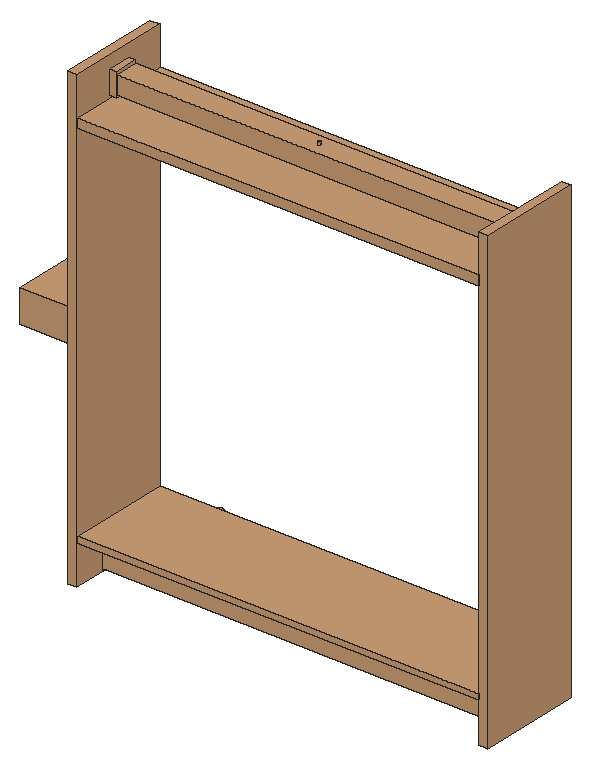
Revit family
Parameters
  Center of Unit = 0' - 0"  # constant formula
  Total Heating Capacity [instance] = 0.0 Btu/h
  Series = "VIFB"
  Outlet Area = 46.50 SF
  Lower Frame Thickness = if(Headers Height = 0' 3", 0' 1 1/4", if(Headers Height = 0' 3 1/4", 0' 1 1/4", 0' 0"))  # 0' - 1 1/4"
  Water Pressure Drop [instance] = 0.00 psi
  Water Flow [instance] = 0 GPM
  Unit Weight (lbs) = 1245
  URL = "http://www.ljwing.com/"
  Water Outlet Radius = 0' - 1 1/2"
  Headers Height = if(M = 0' 1", 0' 3", if(M = 0' 1 1/2", 0' 3 1/4", 0' 0"))  # 0' - 3 1/4"
  Number of Rows = 2  # constant formula
  Number of Coils [instance] = 0
  Nominal Length = 7' - 5 3/4"
  N = 1' - 0 3/4"
  Model = "VE-8W"
  Manufacturer = "LJ Wing"
  M = 0' - 1 1/2"
  Leaving Water Temperature [instance] = 0 °F
  Leaving Air Temperature [instance] = 0 °F
  Entering Water Temperature [instance] = 0 °F
  Entering Air Temperature [instance] = 0 °F
  Description = "Vertical Integral Face & Bypass Water Heating Coils"
  Hot Water Inlet  Radius = 0' - 1 1/2"
  Coil Face Area = Outlet Area * 0.56  # 26.04 SF
  Casing Material = ""
  Assembly Code = "D3020300"
  Air Vent Radius = 0' - 0 1/4"
  Air Pressure Drop [instance] = 0.00 in-wg
  Air Inlet Width = Nominal Length - 0' 4"  # 7' - 1 3/4"
  Air Inlet Height = Y  # 6' - 6"
  Air Flow [instance] = 0 CFM
  Y = 6' - 6"
  S = 0' - 9 3/4"  # constant formula
  Product URL = "http://www.ljwing.com/html/vifb.asp"
  OmniClass = "23-75 70 21 14 "
  Nominal Height = 8' - 2"
  Nominal Depth = 1' - 10"
  R = 0' - 10 1/4"  # constant formula
  Q = 0' - 2 7/8"
Reference planes (in)
  plane 1 "Center (Front/Back)": y = 0
  plane 2: z = -39
  plane 3 "Center (Left/Right)": x = 0
  plane 4: z = 49.25
  plane 5: x = -44.875
  plane 6: x = 44.875
  plane 7: z = -48.75
  plane 8: z = 0
  plane 9: y = -11
  plane 10: y = 11
  plane 11: z = 39
  plane 12: z = 41
  plane 13: z = -40.25
  plane 14: x = 42.875
  plane 15: x = -42.875
  plane 16: x = -42
  plane 17: x = 42
  plane 18: y = 14.0625
  plane 19: x = -55.875
  plane 20: z = 46.125
  plane 21: z = 42.125
  plane 22: y = -2.5
  plane 23: y = 2.5
  plane 24: y = -4.5
  plane 25: z = -46.375
  plane 26: x = -32.125
  plane 27: x = 32.125
  plane 28: z = -42.375
Forms (in)
  Extrusion 1, solid, material "Painted Finish"
    sketch origin (0, 6, -9.75) x (1, 0, 0) y (0, 0, 1)
      loop
        line (-44.875, -39) -> (-42.875, -39) -> (-42.875, 59) -> (-44.875, 59) -> (-44.875, -39)
      loop
        line (44.875, -39) -> (44.875, 59) -> (42.875, 59) -> (42.875, -39) -> (44.875, -39)
    from -5 to 17
  Extrusion 2, solid, material "Painted Finish"
    sketch origin (0, 6, 0) x (1, 0, 0) y (0, 0, 1)
      loop
        line (42.875, -39) -> (-42.875, -39) -> (-42.875, -40.25) -> (42.875, -40.25) -> (42.875, -39)
      loop
        line (42.875, 39) -> (42.875, 41) -> (-42.875, 41) -> (-42.875, 39) -> (42.875, 39)
    from -5 to 17
  Extrusion 3, solid, material "Painted Finish"
    sketch origin (0, 10, -0.5) x (1, 0, 0) y (0, 0, 1)
      loop
        line (-44.875, 4) -> (-55.875, 4) -> (-55.875, -3) -> (-44.875, -3) -> (-44.875, 4)
    from 0 to 20
  Extrusion 4, solid, material "Painted Finish"
    sketch origin (0, 6, 0) x (1, 0, 0) y (0, 0, 1)
      loop
        line (-41.25, 46.125) -> (-41.25, 42.125) -> (41.25, 42.125) -> (41.25, 46.125) -> (-41.25, 46.125)
    from 3.5 to 8.5
  Extrusion 5, solid, material "Painted Finish"
    sketch origin (0, 0, 0) x (1, 0, 0) y (0, 0, 1)
      loop
        line (-41.25, 41.625) -> (-41.25, 46.625) -> (-42.875, 46.625) -> (-42.875, 41.625) -> (-41.25, 41.625)
      loop
        line (42.875, 41.625) -> (42.875, 46.625) -> (41.25, 46.625) -> (41.25, 41.625) -> (42.875, 41.625)
    from -2.5 to 2.5
  Extrusion 6, solid, material "Painted Finish"
    sketch origin (0, 6, 0) x (1, 0, 0) y (0, 0, 1)
      loop
        line (-42.375, -40.75) -> (-42.375, -40.5) -> (-42.875, -40.5) -> (-42.875, -44.25) -> (-42.375, -44.25) -> (-42.375, -44) -> (42.375, -44) -> (42.375, -44.25) -> (42.875, -44.25) -> (42.875, -40.5) -> (42.375, -40.5) -> (42.375, -40.75) -> (-42.375, -40.75)
      loop
        line (42.375, -48) -> (42.375, -48.125) -> (42.875, -48.125) -> (42.875, -44.5) -> (42.375, -44.5) -> (42.375, -44.75) -> (-42.375, -44.75) -> (-42.375, -44.5) -> (-42.875, -44.5) -> (-42.875, -48.25) -> (-42.375, -48.25) -> (-42.375, -48) -> (42.375, -48)
    from -5 to 10.5
  Extrusion 7, void
    sketch origin (0, 0, 0) x (1, 0, 0) y (0, 0, 1)
      loop
        line (-42.875, 39) -> (-42.875, -39) -> (42.875, -39) -> (42.875, 39) -> (-42.875, 39)
    from -11 to 11
  Extrusion 8, solid, material "Painted Finish"
    sketch origin (0, 0, 0) x (1, 0, 0) y (0, 0, 1)
      loop
        circle (32.125, -46.375) r 1.5
      loop
        circle (-32.125, -42.375) r 1.5
    from -14.0625 to -11
  Extrusion 9, solid, material "Painted Finish"
    sketch origin (0, 0, 0) x (1, 0, 0) y (0, 1, 0)
      loop
        circle (0, 0) r 0.25
    from 46.125 to 46.625
Cuts and joins
  Extrusion 7 cuts Extrusion 1
  Extrusion 7 cuts Extrusion 2
Dimensions and locks (in)
  "Nominal Length": plane 6 to plane 5
  equal spacing: plane 6, plane 3 "Center (Left/Right)", plane 5
  "S": plane 2 to plane 7
  "Nominal Depth": plane 10 to plane 9
  equal spacing: plane 10, plane 1 "Center (Front/Back)", plane 9
  "Y": plane 11 to plane 2
  "R": plane 4 to plane 11
  locked: plane 12 to plane 11 at 2
  "Lower Frame Thickness": plane 2 to plane 13
  "Q": plane 16 to plane 5
  "Q": plane 6 to plane 17
  locked: plane 18 to plane 10 at 3.0625
  locked: plane 5 to plane 19 at 11
  locked: Extrusion 3 sketch curve to Extrusion 3 sketch curve at 7
  locked: Extrusion 3 to Extrusion 3 at 20
  locked: plane 6 to plane 14 at 2
  locked: plane 15 to plane 5 at 2
  locked: Extrusion 5 sketch curve to plane 20 at 0.5
  locked: plane 21 to Extrusion 5 sketch curve at 0.5
  locked: plane 20 to plane 21 at 4
  locked: plane 23 to plane 22 at 5
  equal spacing: plane 23, plane 1 "Center (Front/Back)", plane 22
  locked: plane 22 to plane 24 at 2
  plane 4 to plane 7 = 8' - 2"
  locked: Extrusion 5 sketch curve to Extrusion 1 at 1.625
  locked: Extrusion 5 sketch curve to Extrusion 5 sketch curve at 1.625
  locked: Extrusion 7 sketch curve to plane 11 at 0
  locked: Extrusion 7 sketch curve to plane 15 at 0
  locked: Extrusion 7 sketch curve to plane 14 at 0
  locked: plane 15 to Extrusion 6 sketch curve at 0.5
  locked: Extrusion 6 sketch curve to Extrusion 6 sketch curve at 0.25  (x2)
  locked: plane 25 to plane 7 at 2.375
  "N": plane 26 to plane 5
  "N": plane 6 to plane 27
  locked: plane 28 to plane 7 at 6.375
  "Headers Height": Extrusion 6 sketch curve to Extrusion 6 sketch curve  (x2)
  locked: Extrusion 8 sketch curve to plane 25 at 0
  locked: Extrusion 8 sketch curve to plane 28 at 0
  locked: Extrusion 9 sketch curve to plane 1 "Center (Front/Back)" at 0
  locked: Extrusion 9 sketch curve to plane 3 "Center (Left/Right)" at 0
  equal spacing: Extrusion 6 sketch curve, plane 28, Extrusion 6 sketch curve
  equal spacing: Extrusion 6 sketch curve, plane 25, Extrusion 6 sketch curve
  locked: plane 4 to plane 20 at 3.125
  locked: Extrusion 7 sketch curve to plane 2 at 0
  equal spacing: plane 11, plane 8, plane 2
  locked: Extrusion 8 sketch curve to plane 27 at 0
  locked: Extrusion 8 sketch curve to plane 26 at 0
  "M": radius of Extrusion 8 sketch curve  (x2)
  "Air Vent Radius": radius of Extrusion 9 sketch curve
  aligned and locked: Extrusion 1 to plane 9
  aligned and locked: Extrusion 1 to plane 10
  aligned and locked: Extrusion 1 to plane 15
  aligned and locked: Extrusion 1 to plane 14
  aligned and locked: Extrusion 2 to plane 9
  aligned and locked: plane 9 to Extrusion 1
  aligned and locked: plane 10 to Extrusion 1  (x2)
  aligned and locked: Extrusion 2 to plane 10
  aligned and locked: plane 10 to Extrusion 2  (x2)
  aligned and locked: plane 9 to Extrusion 2  (x2)
  aligned and locked: plane 5 to Extrusion 3
  aligned and locked: Extrusion 5 sketch curve to plane 15
  aligned and locked: Extrusion 5 sketch curve to Extrusion 4
  aligned and locked: Extrusion 1 to Extrusion 6
  aligned and locked: plane 22 to Extrusion 5
  aligned and locked: Extrusion 5 to Extrusion 4  (x2)
  aligned and locked: Extrusion 5 to plane 23
  aligned and locked: Extrusion 6 to plane 24
  aligned and locked: Extrusion 4 to Extrusion 5  (x2)
  aligned and locked: Extrusion 5 to Extrusion 1  (x2)
  aligned and locked: Extrusion 1 to Extrusion 7  (x2)
  aligned and locked: plane 18 to Extrusion 8
  aligned and locked: Extrusion 8 to plane 10
  aligned and locked: plane 20 to Extrusion 9
  aligned and locked: Extrusion 9 to Extrusion 5
  aligned and locked: plane 2 to cut or joined group of Extrusion 2, Extrusion 7
  aligned and locked: Extrusion 1 sketch curve to plane 6
  aligned and locked: Extrusion 1 sketch curve to plane 14
  aligned and locked: Extrusion 1 sketch curve to plane 15
  aligned and locked: Extrusion 1 sketch curve to plane 5
  aligned and locked: Extrusion 1 sketch curve to plane 4  (x2)
  aligned and locked: plane 7 to Extrusion 1 sketch curve  (x2)
  aligned and locked: Extrusion 2 sketch curve to plane 11
  aligned and locked: Extrusion 2 sketch curve to plane 12
  aligned and locked: plane 2 to Extrusion 2 sketch curve
  aligned and locked: Extrusion 2 sketch curve to plane 13
  aligned and locked: plane 14 to Extrusion 2 sketch curve
  aligned and locked: plane 15 to Extrusion 2 sketch curve
  aligned and locked: Extrusion 2 sketch curve to plane 15
  aligned and locked: Extrusion 2 sketch curve to plane 14
  aligned and locked: plane 20 to Extrusion 4 sketch curve
  aligned and locked: Extrusion 4 sketch curve to plane 21
  aligned and locked: plane 14 to Extrusion 6 sketch curve  (x2)
  aligned and locked: Extrusion 6 sketch curve to plane 15  (x2)
Automatic sketch dimensions
  Extrusion 3 sketch curve to plane 19 = 0' - 0"
  Extrusion 3 sketch curve to plane 5 = 0' - 0"
  plane 8 to Extrusion 3 sketch curve = 0' - 3 1/2"
  plane 16 to Extrusion 4 sketch curve = 0' - 0 3/4"
  Extrusion 4 sketch curve to plane 17 = 0' - 0 3/4"
  plane 21 to Extrusion 5 sketch curve = 0' - 0 1/2"
  Extrusion 5 sketch curve to plane 20 = 0' - 0 1/2"
  plane 15 to Extrusion 6 sketch curve = 0' - 0 1/2"  (x2)
  Extrusion 6 sketch curve to Extrusion 6 sketch curve = 0' - 0 1/4"  (x5)
  Extrusion 6 sketch curve to Extrusion 6 sketch curve = 0' - 0"  (x2)
  Extrusion 6 sketch curve to plane 14 = 0' - 0 1/2"  (x2)
  Extrusion 6 sketch curve to Extrusion 6 sketch curve = 0' - 0 1/2"
  Extrusion 6 sketch curve to plane 7 = 0' - 0 5/8"
Connectors (in)
  hvac at (0, -11, 0), driven by "Air Inlet Height", driven by "Air Inlet Width", driven by "Air Flow", driven by "Air Pressure Drop"
    settings: on Extrusion 7, index 1
  hvac at (0, 11, 0), driven by "Air Pressure Drop", driven by "Air Inlet Height", driven by "Air Inlet Width", driven by "Air Flow"
    settings: on Extrusion 7, index 2
  piping at (-32.125, 14.0625, -42.375), driven by "M", driven by "Water Flow", driven by "Water Pressure Drop"
    settings: on Extrusion 8, index 4
  piping at (32.125, 14.0625, -46.375), driven by "Water Pressure Drop", driven by "Water Flow", driven by "M"
    settings: on Extrusion 8, index 5
